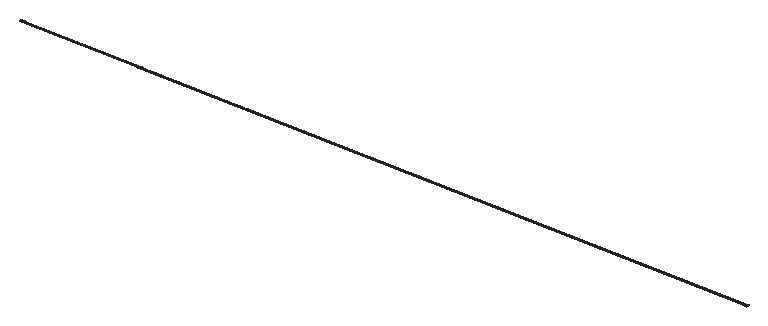
Revit family "Flex Pro IP65_0068171-74", category Lighting Fixtures, host Face, Revit 2017 (continued)
Forms (mm)
  Extrusion 71, solid
    sketch origin (999.592, 0, 0) x (1, 0, 0) y (0, 1, 0)
      loop
        line (86.3, -1.5) -> (86.3, 1.5) -> (84.3, 1.5) -> (84.3, -1.5) -> (86.3, -1.5)
    from -1.2 to -0.5
  Extrusion 72, solid
    sketch origin (1099.551, 0, 0) x (1, 0, 0) y (0, 1, 0)
      loop
        line (19.9, 1.5) -> (17.9, 1.5) -> (17.9, -1.5) -> (19.9, -1.5) -> (19.9, 1.5)
      loop
        line (34.5, 1.5) -> (34.5, -1.5) -> (36.5, -1.5) -> (36.5, 1.5) -> (34.5, 1.5)
      loop
        line (69.7, 1.5) -> (67.7, 1.5) -> (67.7, -1.5) -> (69.7, -1.5) -> (69.7, 1.5)
      loop
        line (86.3, -1.5) -> (86.3, 1.5) -> (84.3, 1.5) -> (84.3, -1.5) -> (86.3, -1.5)
    from -1.2 to -0.5
  Extrusion 73, solid
    sketch origin (1199.51, 0, 0) x (1, 0, 0) y (0, 1, 0)
      loop
        line (19.9, 1.5) -> (17.9, 1.5) -> (17.9, -1.5) -> (19.9, -1.5) -> (19.9, 1.5)
      loop
        line (34.5, 1.5) -> (34.5, -1.5) -> (36.5, -1.5) -> (36.5, 1.5) -> (34.5, 1.5)
      loop
        line (69.7, 1.5) -> (67.7, 1.5) -> (67.7, -1.5) -> (69.7, -1.5) -> (69.7, 1.5)
      loop
        line (86.3, -1.5) -> (86.3, 1.5) -> (84.3, 1.5) -> (84.3, -1.5) -> (86.3, -1.5)
    from -1.2 to -0.5
  Extrusion 74, solid
    sketch origin (1299.469, 0, 0) x (1, 0, 0) y (0, 1, 0)
      loop
        line (19.9, 1.5) -> (17.9, 1.5) -> (17.9, -1.5) -> (19.9, -1.5) -> (19.9, 1.5)
      loop
        line (34.5, 1.5) -> (34.5, -1.5) -> (36.5, -1.5) -> (36.5, 1.5) -> (34.5, 1.5)
      loop
        line (69.7, 1.5) -> (67.7, 1.5) -> (67.7, -1.5) -> (69.7, -1.5) -> (69.7, 1.5)
      loop
        line (86.3, -1.5) -> (86.3, 1.5) -> (84.3, 1.5) -> (84.3, -1.5) -> (86.3, -1.5)
    from -1.2 to -0.5
  Extrusion 75, solid
    sketch origin (1399.429, 0, 0) x (1, 0, 0) y (0, 1, 0)
      loop
        line (19.9, 1.5) -> (17.9, 1.5) -> (17.9, -1.5) -> (19.9, -1.5) -> (19.9, 1.5)
      loop
        line (34.5, 1.5) -> (34.5, -1.5) -> (36.5, -1.5) -> (36.5, 1.5) -> (34.5, 1.5)
      loop
        line (69.7, 1.5) -> (67.7, 1.5) -> (67.7, -1.5) -> (69.7, -1.5) -> (69.7, 1.5)
      loop
        line (86.3, -1.5) -> (86.3, 1.5) -> (84.3, 1.5) -> (84.3, -1.5) -> (86.3, -1.5)
    from -1.2 to -0.5
  Extrusion 76, solid
    sketch origin (1499.388, 0, 0) x (1, 0, 0) y (0, 1, 0)
      loop
        line (19.9, 1.5) -> (17.9, 1.5) -> (17.9, -1.5) -> (19.9, -1.5) -> (19.9, 1.5)
      loop
        line (34.5, 1.5) -> (34.5, -1.5) -> (36.5, -1.5) -> (36.5, 1.5) -> (34.5, 1.5)
      loop
        line (69.7, 1.5) -> (67.7, 1.5) -> (67.7, -1.5) -> (69.7, -1.5) -> (69.7, 1.5)
      loop
        line (86.3, -1.5) -> (86.3, 1.5) -> (84.3, 1.5) -> (84.3, -1.5) -> (86.3, -1.5)
    from -1.2 to -0.5
  Extrusion 77, solid
    sketch origin (1599.347, 0, 0) x (1, 0, 0) y (0, 1, 0)
      loop
        line (19.9, 1.5) -> (17.9, 1.5) -> (17.9, -1.5) -> (19.9, -1.5) -> (19.9, 1.5)
      loop
        line (34.5, 1.5) -> (34.5, -1.5) -> (36.5, -1.5) -> (36.5, 1.5) -> (34.5, 1.5)
      loop
        line (69.7, 1.5) -> (67.7, 1.5) -> (67.7, -1.5) -> (69.7, -1.5) -> (69.7, 1.5)
      loop
        line (86.3, -1.5) -> (86.3, 1.5) -> (84.3, 1.5) -> (84.3, -1.5) -> (86.3, -1.5)
    from -1.2 to -0.5
  Extrusion 78, solid
    sketch origin (1699.306, 0, 0) x (1, 0, 0) y (0, 1, 0)
      loop
        line (19.9, 1.5) -> (17.9, 1.5) -> (17.9, -1.5) -> (19.9, -1.5) -> (19.9, 1.5)
      loop
        line (34.5, 1.5) -> (34.5, -1.5) -> (36.5, -1.5) -> (36.5, 1.5) -> (34.5, 1.5)
      loop
        line (69.7, 1.5) -> (67.7, 1.5) -> (67.7, -1.5) -> (69.7, -1.5) -> (69.7, 1.5)
      loop
        line (86.3, -1.5) -> (86.3, 1.5) -> (84.3, 1.5) -> (84.3, -1.5) -> (86.3, -1.5)
    from -1.2 to -0.5
  Extrusion 79, solid
    sketch origin (1799.265, 0, 0) x (1, 0, 0) y (0, 1, 0)
      loop
        line (19.9, 1.5) -> (17.9, 1.5) -> (17.9, -1.5) -> (19.9, -1.5) -> (19.9, 1.5)
      loop
        line (34.5, 1.5) -> (34.5, -1.5) -> (36.5, -1.5) -> (36.5, 1.5) -> (34.5, 1.5)
      loop
        line (69.7, 1.5) -> (67.7, 1.5) -> (67.7, -1.5) -> (69.7, -1.5) -> (69.7, 1.5)
      loop
        line (86.3, -1.5) -> (86.3, 1.5) -> (84.3, 1.5) -> (84.3, -1.5) -> (86.3, -1.5)
    from -1.2 to -0.5
  Extrusion 80, solid
    sketch origin (1899.224, 0, 0) x (1, 0, 0) y (0, 1, 0)
      loop
        line (19.9, 1.5) -> (17.9, 1.5) -> (17.9, -1.5) -> (19.9, -1.5) -> (19.9, 1.5)
      loop
        line (34.5, 1.5) -> (34.5, -1.5) -> (36.5, -1.5) -> (36.5, 1.5) -> (34.5, 1.5)
      loop
        line (69.7, 1.5) -> (67.7, 1.5) -> (67.7, -1.5) -> (69.7, -1.5) -> (69.7, 1.5)
      loop
        line (86.3, -1.5) -> (86.3, 1.5) -> (84.3, 1.5) -> (84.3, -1.5) -> (86.3, -1.5)
    from -1.2 to -0.5
  Extrusion 81, solid
    sketch origin (1999.184, 0, 0) x (1, 0, 0) y (0, 1, 0)
      loop
        line (19.9, 1.5) -> (17.9, 1.5) -> (17.9, -1.5) -> (19.9, -1.5) -> (19.9, 1.5)
      loop
        line (34.5, 1.5) -> (34.5, -1.5) -> (36.5, -1.5) -> (36.5, 1.5) -> (34.5, 1.5)
      loop
        line (69.7, 1.5) -> (67.7, 1.5) -> (67.7, -1.5) -> (69.7, -1.5) -> (69.7, 1.5)
      loop
        line (86.3, -1.5) -> (86.3, 1.5) -> (84.3, 1.5) -> (84.3, -1.5) -> (86.3, -1.5)
    from -1.2 to -0.5
  Extrusion 82, solid
    sketch origin (2099.143, 0, 0) x (1, 0, 0) y (0, 1, 0)
      loop
        line (19.9, 1.5) -> (17.9, 1.5) -> (17.9, -1.5) -> (19.9, -1.5) -> (19.9, 1.5)
      loop
        line (34.5, 1.5) -> (34.5, -1.5) -> (36.5, -1.5) -> (36.5, 1.5) -> (34.5, 1.5)
      loop
        line (69.7, 1.5) -> (67.7, 1.5) -> (67.7, -1.5) -> (69.7, -1.5) -> (69.7, 1.5)
      loop
        line (86.3, -1.5) -> (86.3, 1.5) -> (84.3, 1.5) -> (84.3, -1.5) -> (86.3, -1.5)
    from -1.2 to -0.5
  Extrusion 83, solid
    sketch origin (2199.102, 0, 0) x (1, 0, 0) y (0, 1, 0)
      loop
        line (19.9, 1.5) -> (17.9, 1.5) -> (17.9, -1.5) -> (19.9, -1.5) -> (19.9, 1.5)
      loop
        line (34.5, 1.5) -> (34.5, -1.5) -> (36.5, -1.5) -> (36.5, 1.5) -> (34.5, 1.5)
      loop
        line (69.7, 1.5) -> (67.7, 1.5) -> (67.7, -1.5) -> (69.7, -1.5) -> (69.7, 1.5)
      loop
        line (86.3, -1.5) -> (86.3, 1.5) -> (84.3, 1.5) -> (84.3, -1.5) -> (86.3, -1.5)
    from -1.2 to -0.5
  Extrusion 84, solid
    sketch origin (2299.061, 0, 0) x (1, 0, 0) y (0, 1, 0)
      loop
        line (19.9, 1.5) -> (17.9, 1.5) -> (17.9, -1.5) -> (19.9, -1.5) -> (19.9, 1.5)
      loop
        line (34.5, 1.5) -> (34.5, -1.5) -> (36.5, -1.5) -> (36.5, 1.5) -> (34.5, 1.5)
      loop
        line (69.7, 1.5) -> (67.7, 1.5) -> (67.7, -1.5) -> (69.7, -1.5) -> (69.7, 1.5)
      loop
        line (86.3, -1.5) -> (86.3, 1.5) -> (84.3, 1.5) -> (84.3, -1.5) -> (86.3, -1.5)
    from -1.2 to -0.5
  Extrusion 85, solid
    sketch origin (2399.02, 0, 0) x (1, 0, 0) y (0, 1, 0)
      loop
        line (19.9, 1.5) -> (17.9, 1.5) -> (17.9, -1.5) -> (19.9, -1.5) -> (19.9, 1.5)
      loop
        line (34.5, 1.5) -> (34.5, -1.5) -> (36.5, -1.5) -> (36.5, 1.5) -> (34.5, 1.5)
      loop
        line (69.7, 1.5) -> (67.7, 1.5) -> (67.7, -1.5) -> (69.7, -1.5) -> (69.7, 1.5)
      loop
        line (86.3, -1.5) -> (86.3, 1.5) -> (84.3, 1.5) -> (84.3, -1.5) -> (86.3, -1.5)
    from -1.2 to -0.5
  Extrusion 86, solid
    sketch origin (2498.98, 0, 0) x (1, 0, 0) y (0, 1, 0)
      loop
        line (19.9, 1.5) -> (17.9, 1.5) -> (17.9, -1.5) -> (19.9, -1.5) -> (19.9, 1.5)
      loop
        line (34.5, 1.5) -> (34.5, -1.5) -> (36.5, -1.5) -> (36.5, 1.5) -> (34.5, 1.5)
      loop
        line (69.7, 1.5) -> (67.7, 1.5) -> (67.7, -1.5) -> (69.7, -1.5) -> (69.7, 1.5)
      loop
        line (86.3, -1.5) -> (86.3, 1.5) -> (84.3, 1.5) -> (84.3, -1.5) -> (86.3, -1.5)
    from -1.2 to -0.5
  Extrusion 87, solid
    sketch origin (2598.939, 0, 0) x (1, 0, 0) y (0, 1, 0)
      loop
        line (19.9, 1.5) -> (17.9, 1.5) -> (17.9, -1.5) -> (19.9, -1.5) -> (19.9, 1.5)
      loop
        line (34.5, 1.5) -> (34.5, -1.5) -> (36.5, -1.5) -> (36.5, 1.5) -> (34.5, 1.5)
      loop
        line (69.7, 1.5) -> (67.7, 1.5) -> (67.7, -1.5) -> (69.7, -1.5) -> (69.7, 1.5)
      loop
        line (86.3, -1.5) -> (86.3, 1.5) -> (84.3, 1.5) -> (84.3, -1.5) -> (86.3, -1.5)
    from -1.2 to -0.5
  Extrusion 88, solid
    sketch origin (2698.898, 0, 0) x (1, 0, 0) y (0, 1, 0)
      loop
        line (19.9, 1.5) -> (17.9, 1.5) -> (17.9, -1.5) -> (19.9, -1.5) -> (19.9, 1.5)
      loop
        line (34.5, 1.5) -> (34.5, -1.5) -> (36.5, -1.5) -> (36.5, 1.5) -> (34.5, 1.5)
      loop
        line (69.7, 1.5) -> (67.7, 1.5) -> (67.7, -1.5) -> (69.7, -1.5) -> (69.7, 1.5)
      loop
        line (86.3, -1.5) -> (86.3, 1.5) -> (84.3, 1.5) -> (84.3, -1.5) -> (86.3, -1.5)
    from -1.2 to -0.5
  Extrusion 89, solid
    sketch origin (2798.857, 0, 0) x (1, 0, 0) y (0, 1, 0)
      loop
        line (19.9, 1.5) -> (17.9, 1.5) -> (17.9, -1.5) -> (19.9, -1.5) -> (19.9, 1.5)
      loop
        line (34.5, 1.5) -> (34.5, -1.5) -> (36.5, -1.5) -> (36.5, 1.5) -> (34.5, 1.5)
      loop
        line (69.7, 1.5) -> (67.7, 1.5) -> (67.7, -1.5) -> (69.7, -1.5) -> (69.7, 1.5)
      loop
        line (86.3, -1.5) -> (86.3, 1.5) -> (84.3, 1.5) -> (84.3, -1.5) -> (86.3, -1.5)
    from -1.2 to -0.5
  Extrusion 90, solid
    sketch origin (2898.816, 0, 0) x (1, 0, 0) y (0, 1, 0)
      loop
        line (19.9, 1.5) -> (17.9, 1.5) -> (17.9, -1.5) -> (19.9, -1.5) -> (19.9, 1.5)
      loop
        line (34.5, 1.5) -> (34.5, -1.5) -> (36.5, -1.5) -> (36.5, 1.5) -> (34.5, 1.5)
      loop
        line (69.7, 1.5) -> (67.7, 1.5) -> (67.7, -1.5) -> (69.7, -1.5) -> (69.7, 1.5)
      loop
        line (86.3, -1.5) -> (86.3, 1.5) -> (84.3, 1.5) -> (84.3, -1.5) -> (86.3, -1.5)
    from -1.2 to -0.5
  Extrusion 91, solid
    sketch origin (2998.776, 0, 0) x (1, 0, 0) y (0, 1, 0)
      loop
        line (19.9, 1.5) -> (17.9, 1.5) -> (17.9, -1.5) -> (19.9, -1.5) -> (19.9, 1.5)
      loop
        line (34.5, 1.5) -> (34.5, -1.5) -> (36.5, -1.5) -> (36.5, 1.5) -> (34.5, 1.5)
      loop
        line (69.7, 1.5) -> (67.7, 1.5) -> (67.7, -1.5) -> (69.7, -1.5) -> (69.7, 1.5)
      loop
        line (86.3, -1.5) -> (86.3, 1.5) -> (84.3, 1.5) -> (84.3, -1.5) -> (86.3, -1.5)
    from -1.2 to -0.5
  Extrusion 92, solid
    sketch origin (3098.735, 0, 0) x (1, 0, 0) y (0, 1, 0)
      loop
        line (19.9, 1.5) -> (17.9, 1.5) -> (17.9, -1.5) -> (19.9, -1.5) -> (19.9, 1.5)
      loop
        line (34.5, 1.5) -> (34.5, -1.5) -> (36.5, -1.5) -> (36.5, 1.5) -> (34.5, 1.5)
      loop
        line (69.7, 1.5) -> (67.7, 1.5) -> (67.7, -1.5) -> (69.7, -1.5) -> (69.7, 1.5)
      loop
        line (86.3, -1.5) -> (86.3, 1.5) -> (84.3, 1.5) -> (84.3, -1.5) -> (86.3, -1.5)
    from -1.2 to -0.5
  Extrusion 93, solid
    sketch origin (3198.694, 0, 0) x (1, 0, 0) y (0, 1, 0)
      loop
        line (19.9, 1.5) -> (17.9, 1.5) -> (17.9, -1.5) -> (19.9, -1.5) -> (19.9, 1.5)
      loop
        line (34.5, 1.5) -> (34.5, -1.5) -> (36.5, -1.5) -> (36.5, 1.5) -> (34.5, 1.5)
      loop
        line (69.7, 1.5) -> (67.7, 1.5) -> (67.7, -1.5) -> (69.7, -1.5) -> (69.7, 1.5)
      loop
        line (86.3, -1.5) -> (86.3, 1.5) -> (84.3, 1.5) -> (84.3, -1.5) -> (86.3, -1.5)
    from -1.2 to -0.5
  Extrusion 94, solid
    sketch origin (3298.653, 0, 0) x (1, 0, 0) y (0, 1, 0)
      loop
        line (19.9, 1.5) -> (17.9, 1.5) -> (17.9, -1.5) -> (19.9, -1.5) -> (19.9, 1.5)
      loop
        line (34.5, 1.5) -> (34.5, -1.5) -> (36.5, -1.5) -> (36.5, 1.5) -> (34.5, 1.5)
      loop
        line (69.7, 1.5) -> (67.7, 1.5) -> (67.7, -1.5) -> (69.7, -1.5) -> (69.7, 1.5)
      loop
        line (86.3, -1.5) -> (86.3, 1.5) -> (84.3, 1.5) -> (84.3, -1.5) -> (86.3, -1.5)
    from -1.2 to -0.5
  Extrusion 95, solid
    sketch origin (3398.612, 0, 0) x (1, 0, 0) y (0, 1, 0)
      loop
        line (19.9, 1.5) -> (17.9, 1.5) -> (17.9, -1.5) -> (19.9, -1.5) -> (19.9, 1.5)
      loop
        line (34.5, 1.5) -> (34.5, -1.5) -> (36.5, -1.5) -> (36.5, 1.5) -> (34.5, 1.5)
      loop
        line (69.7, 1.5) -> (67.7, 1.5) -> (67.7, -1.5) -> (69.7, -1.5) -> (69.7, 1.5)
      loop
        line (86.3, -1.5) -> (86.3, 1.5) -> (84.3, 1.5) -> (84.3, -1.5) -> (86.3, -1.5)
    from -1.2 to -0.5
  Extrusion 96, solid
    sketch origin (3498.571, 0, 0) x (1, 0, 0) y (0, 1, 0)
      loop
        line (19.9, 1.5) -> (17.9, 1.5) -> (17.9, -1.5) -> (19.9, -1.5) -> (19.9, 1.5)
      loop
        line (34.5, 1.5) -> (34.5, -1.5) -> (36.5, -1.5) -> (36.5, 1.5) -> (34.5, 1.5)
      loop
        line (69.7, 1.5) -> (67.7, 1.5) -> (67.7, -1.5) -> (69.7, -1.5) -> (69.7, 1.5)
      loop
        line (86.3, -1.5) -> (86.3, 1.5) -> (84.3, 1.5) -> (84.3, -1.5) -> (86.3, -1.5)
    from -1.2 to -0.5
  Extrusion 97, solid
    sketch origin (3598.531, 0, 0) x (1, 0, 0) y (0, 1, 0)
      loop
        line (19.9, 1.5) -> (17.9, 1.5) -> (17.9, -1.5) -> (19.9, -1.5) -> (19.9, 1.5)
      loop
        line (34.5, 1.5) -> (34.5, -1.5) -> (36.5, -1.5) -> (36.5, 1.5) -> (34.5, 1.5)
      loop
        line (69.7, 1.5) -> (67.7, 1.5) -> (67.7, -1.5) -> (69.7, -1.5) -> (69.7, 1.5)
      loop
        line (86.3, -1.5) -> (86.3, 1.5) -> (84.3, 1.5) -> (84.3, -1.5) -> (86.3, -1.5)
    from -1.2 to -0.5
  Extrusion 98, solid
    sketch origin (3698.49, 0, 0) x (1, 0, 0) y (0, 1, 0)
      loop
        line (19.9, 1.5) -> (17.9, 1.5) -> (17.9, -1.5) -> (19.9, -1.5) -> (19.9, 1.5)
      loop
        line (34.5, 1.5) -> (34.5, -1.5) -> (36.5, -1.5) -> (36.5, 1.5) -> (34.5, 1.5)
      loop
        line (69.7, 1.5) -> (67.7, 1.5) -> (67.7, -1.5) -> (69.7, -1.5) -> (69.7, 1.5)
      loop
        line (86.3, -1.5) -> (86.3, 1.5) -> (84.3, 1.5) -> (84.3, -1.5) -> (86.3, -1.5)
    from -1.2 to -0.5
  Extrusion 99, solid
    sketch origin (3798.449, 0, 0) x (1, 0, 0) y (0, 1, 0)
      loop
        line (19.9, 1.5) -> (17.9, 1.5) -> (17.9, -1.5) -> (19.9, -1.5) -> (19.9, 1.5)
      loop
        line (34.5, 1.5) -> (34.5, -1.5) -> (36.5, -1.5) -> (36.5, 1.5) -> (34.5, 1.5)
      loop
        line (69.7, 1.5) -> (67.7, 1.5) -> (67.7, -1.5) -> (69.7, -1.5) -> (69.7, 1.5)
      loop
        line (86.3, -1.5) -> (86.3, 1.5) -> (84.3, 1.5) -> (84.3, -1.5) -> (86.3, -1.5)
    from -1.2 to -0.5
  Extrusion 100, solid
    sketch origin (3898.408, 0, 0) x (1, 0, 0) y (0, 1, 0)
      loop
        line (19.9, 1.5) -> (17.9, 1.5) -> (17.9, -1.5) -> (19.9, -1.5) -> (19.9, 1.5)
      loop
        line (34.5, 1.5) -> (34.5, -1.5) -> (36.5, -1.5) -> (36.5, 1.5) -> (34.5, 1.5)
      loop
        line (69.7, 1.5) -> (67.7, 1.5) -> (67.7, -1.5) -> (69.7, -1.5) -> (69.7, 1.5)
      loop
        line (86.3, -1.5) -> (86.3, 1.5) -> (84.3, 1.5) -> (84.3, -1.5) -> (86.3, -1.5)
    from -1.2 to -0.5
  Extrusion 101, solid
    sketch origin (3998.367, 0, 0) x (1, 0, 0) y (0, 1, 0)
      loop
        line (19.9, 1.5) -> (17.9, 1.5) -> (17.9, -1.5) -> (19.9, -1.5) -> (19.9, 1.5)
      loop
        line (34.5, 1.5) -> (34.5, -1.5) -> (36.5, -1.5) -> (36.5, 1.5) -> (34.5, 1.5)
      loop
        line (69.7, 1.5) -> (67.7, 1.5) -> (67.7, -1.5) -> (69.7, -1.5) -> (69.7, 1.5)
      loop
        line (86.3, -1.5) -> (86.3, 1.5) -> (84.3, 1.5) -> (84.3, -1.5) -> (86.3, -1.5)
    from -1.2 to -0.5
  Extrusion 102, solid
    sketch origin (4098.327, 0, 0) x (1, 0, 0) y (0, 1, 0)
      loop
        line (19.9, 1.5) -> (17.9, 1.5) -> (17.9, -1.5) -> (19.9, -1.5) -> (19.9, 1.5)
      loop
        line (34.5, 1.5) -> (34.5, -1.5) -> (36.5, -1.5) -> (36.5, 1.5) -> (34.5, 1.5)
      loop
        line (69.7, 1.5) -> (67.7, 1.5) -> (67.7, -1.5) -> (69.7, -1.5) -> (69.7, 1.5)
      loop
        line (86.3, -1.5) -> (86.3, 1.5) -> (84.3, 1.5) -> (84.3, -1.5) -> (86.3, -1.5)
    from -1.2 to -0.5
  Extrusion 103, solid
    sketch origin (4198.286, 0, 0) x (1, 0, 0) y (0, 1, 0)
      loop
        line (19.9, 1.5) -> (17.9, 1.5) -> (17.9, -1.5) -> (19.9, -1.5) -> (19.9, 1.5)
      loop
        line (34.5, 1.5) -> (34.5, -1.5) -> (36.5, -1.5) -> (36.5, 1.5) -> (34.5, 1.5)
      loop
        line (69.7, 1.5) -> (67.7, 1.5) -> (67.7, -1.5) -> (69.7, -1.5) -> (69.7, 1.5)
      loop
        line (86.3, -1.5) -> (86.3, 1.5) -> (84.3, 1.5) -> (84.3, -1.5) -> (86.3, -1.5)
    from -1.2 to -0.5
  Extrusion 104, solid
    sketch origin (4298.245, 0, 0) x (1, 0, 0) y (0, 1, 0)
      loop
        line (19.9, 1.5) -> (17.9, 1.5) -> (17.9, -1.5) -> (19.9, -1.5) -> (19.9, 1.5)
      loop
        line (34.5, 1.5) -> (34.5, -1.5) -> (36.5, -1.5) -> (36.5, 1.5) -> (34.5, 1.5)
      loop
        line (69.7, 1.5) -> (67.7, 1.5) -> (67.7, -1.5) -> (69.7, -1.5) -> (69.7, 1.5)
      loop
        line (86.3, -1.5) -> (86.3, 1.5) -> (84.3, 1.5) -> (84.3, -1.5) -> (86.3, -1.5)
    from -1.2 to -0.5
  Extrusion 105, solid
    sketch origin (4398.204, 0, 0) x (1, 0, 0) y (0, 1, 0)
      loop
        line (19.9, 1.5) -> (17.9, 1.5) -> (17.9, -1.5) -> (19.9, -1.5) -> (19.9, 1.5)
      loop
        line (34.5, 1.5) -> (34.5, -1.5) -> (36.5, -1.5) -> (36.5, 1.5) -> (34.5, 1.5)
      loop
        line (69.7, 1.5) -> (67.7, 1.5) -> (67.7, -1.5) -> (69.7, -1.5) -> (69.7, 1.5)
      loop
        line (86.3, -1.5) -> (86.3, 1.5) -> (84.3, 1.5) -> (84.3, -1.5) -> (86.3, -1.5)
    from -1.2 to -0.5
  Extrusion 106, solid
    sketch origin (4498.163, 0, 0) x (1, 0, 0) y (0, 1, 0)
      loop
        line (19.9, 1.5) -> (17.9, 1.5) -> (17.9, -1.5) -> (19.9, -1.5) -> (19.9, 1.5)
      loop
        line (34.5, 1.5) -> (34.5, -1.5) -> (36.5, -1.5) -> (36.5, 1.5) -> (34.5, 1.5)
      loop
        line (69.7, 1.5) -> (67.7, 1.5) -> (67.7, -1.5) -> (69.7, -1.5) -> (69.7, 1.5)
      loop
        line (86.3, -1.5) -> (86.3, 1.5) -> (84.3, 1.5) -> (84.3, -1.5) -> (86.3, -1.5)
    from -1.2 to -0.5
  Extrusion 107, solid
    sketch origin (4598.122, 0, 0) x (1, 0, 0) y (0, 1, 0)
      loop
        line (19.9, 1.5) -> (17.9, 1.5) -> (17.9, -1.5) -> (19.9, -1.5) -> (19.9, 1.5)
      loop
        line (34.5, 1.5) -> (34.5, -1.5) -> (36.5, -1.5) -> (36.5, 1.5) -> (34.5, 1.5)
      loop
        line (69.7, 1.5) -> (67.7, 1.5) -> (67.7, -1.5) -> (69.7, -1.5) -> (69.7, 1.5)
      loop
        line (86.3, -1.5) -> (86.3, 1.5) -> (84.3, 1.5) -> (84.3, -1.5) -> (86.3, -1.5)
    from -1.2 to -0.5
  Extrusion 108, solid
    sketch origin (4698.082, 0, 0) x (1, 0, 0) y (0, 1, 0)
      loop
        line (19.9, 1.5) -> (17.9, 1.5) -> (17.9, -1.5) -> (19.9, -1.5) -> (19.9, 1.5)
      loop
        line (34.5, 1.5) -> (34.5, -1.5) -> (36.5, -1.5) -> (36.5, 1.5) -> (34.5, 1.5)
      loop
        line (69.7, 1.5) -> (67.7, 1.5) -> (67.7, -1.5) -> (69.7, -1.5) -> (69.7, 1.5)
      loop
        line (86.3, -1.5) -> (86.3, 1.5) -> (84.3, 1.5) -> (84.3, -1.5) -> (86.3, -1.5)
    from -1.2 to -0.5
  Extrusion 109, solid
    sketch origin (4798.041, 0, 0) x (1, 0, 0) y (0, 1, 0)
      loop
        line (19.9, 1.5) -> (17.9, 1.5) -> (17.9, -1.5) -> (19.9, -1.5) -> (19.9, 1.5)
      loop
        line (34.5, 1.5) -> (34.5, -1.5) -> (36.5, -1.5) -> (36.5, 1.5) -> (34.5, 1.5)
      loop
        line (69.7, 1.5) -> (67.7, 1.5) -> (67.7, -1.5) -> (69.7, -1.5) -> (69.7, 1.5)
      loop
        line (86.3, -1.5) -> (86.3, 1.5) -> (84.3, 1.5) -> (84.3, -1.5) -> (86.3, -1.5)
    from -1.2 to -0.5
Dimensions and locks
  "CABLE_LENGHT_SYL": plane 7 to plane 3 "Center (Left/Right)"
  "LUM_WIDTH_SYL": plane 6 to plane 1 "Center (Front/Back)" to plane 5
  "CABLE_BLEND_SYL": plane 8 to plane 3 "Center (Left/Right)"
  "CABLE_END_SYL": plane 7 to plane 9
  "LUM_LENGHT_SYL": plane 3 "Center (Left/Right)" to plane 4
  "CABLE_DIST_SYL": plane 11 to plane 1 "Center (Front/Back)" to plane 10
  "CABLE_DIST2_SYL": plane 12 to plane 5
  "CABLE_DIST2_SYL": plane 6 to plane 13
  "LED_DIST1_SYL": plane 3 "Center (Left/Right)" to plane 14
  "LED_DIST_SYL": plane 14 to plane 15 to plane 16 to plane 17 to plane 18 to plane 19
  "LED_DIST_SYL": plane 34 to plane 35
  "LED_DIST_SYL": plane 36 to plane 37
  "LED_2_DIST_SYL": plane 35 to plane 36
  "LED_CH_S_WIDTH_SYL": plane 47 to plane 1 "Center (Front/Back)" to plane 46
  "LED_CH_L_WIDTH_SYL": plane 21 to plane 1 "Center (Front/Back)" to plane 20
  "LED_CH_L_DEPTH_SYL": plane 23 to plane 14 to plane 22
  "LED_CH_L_DEPTH_SYL": plane 25 to plane 15 to plane 24
  "LED_CH_L_DEPTH_SYL": plane 27 to plane 16 to plane 26
  "LED_CH_L_DEPTH_SYL": plane 28 to plane 17 to plane 29
  "LED_CH_L_DEPTH_SYL": plane 30 to plane 18 to plane 31
  "LED_CH_L_DEPTH_SYL": plane 33 to plane 19 to plane 32
  "LED_CH_S_DEPTH_SYL": plane 39 to plane 34 to plane 38
  "LED_CH_S_DEPTH_SYL": plane 40 to plane 35 to plane 41
  "LED_CH_S_DEPTH_SYL": plane 43 to plane 36 to plane 42
  "LED_CH_S_DEPTH_SYL": plane 44 to plane 37 to plane 45
  equal spacing: group 1, group 3, group 4, group 5, group 6, group 7, group 8, group 9, group 10, group 11, group 12, group 13, group 14, group 15, group 16, group 17, group 18, group 19, group 20, group 21, group 22, group 23, group 24, group 25, group 26, group 27, group 28, group 29, group 30, group 31, group 32, group 33, group 34, group 35, group 36, group 37, group 38, group 39, group 40, group 41, group 42, group 43, group 44, group 45, group 46, group 47, group 48, group 49, group 50, group 2  (x3)
  "PHOTOMETRY1_SYL": imposter light to plane 4
  "PHOTOMETRY2_SYL": imposter light to Extrusion 1
  "PHOTOMETRY3_SYL": Extrusion 29 to imposter light
  plane 4 to plane 49 = 5 mm
  "LUM__CAP_SYL": plane 48 to plane 3 "Center (Left/Right)"
  "LUM__CAP_SYL": plane 3 "Center (Left/Right)" to plane 50
  "LUM__CAP_SYL": plane 51 to plane 4
  "LUM__CAP_SYL": plane 4 to plane 49
  "LUM_CAD_W_SYL": plane 53 to plane 1 "Center (Front/Back)" to plane 52
  "LUM_PROT_SYL": plane 55 to plane 1 "Center (Front/Back)" to plane 54
  equal spacing: group 53, group 55, group 56, group 57, group 58, group 59, group 60, group 61, group 62, group 63, group 64, group 65, group 66, group 67, group 68, group 69, group 70, group 71, group 72, group 73, group 74, group 75, group 76, group 77, group 78, group 79, group 80, group 81, group 82, group 83, group 84, group 85, group 86, group 87, group 88, group 89, group 90, group 91, group 92, group 93, group 94, group 95, group 96, group 97, group 98, group 99, group 100, group 101, group 102, group 54  (x3)
  aligned and locked: host face to plane 2
  aligned and locked: host face to level
  aligned and locked: Extrusion 1 sketch curve to plane 4
  aligned and locked: Revolve 4 sketch curve to plane 10
  aligned and locked: Sweep 2 to Revolve 4 sketch curve
  aligned and locked: plane 12 to Revolve 4 sketch curve
  aligned and locked: plane 7 to Revolve 4 sketch curve
  aligned and locked: Revolve 5 sketch curve to plane 11  (x2)
  aligned and locked: Revolve 5 sketch curve to Sweep 3
  aligned and locked: plane 13 to Revolve 5 sketch curve
  aligned and locked: Revolve 5 sketch curve to plane 7
  aligned and locked: plane 3 "Center (Left/Right)" to Extrusion 1 sketch curve
  aligned and locked: Extrusion 58 sketch curve to plane 52
  aligned and locked: plane 50 to Extrusion 58 sketch curve
  aligned and locked: plane 53 to Extrusion 58 sketch curve
  aligned and locked: Extrusion 58 sketch curve to plane 48
  aligned and locked: Extrusion 59 sketch curve to plane 51
Automatic sketch dimensions
  level to Sweep 3 sketch curve = 0 mm
  Sweep 3 sketch curve to profile plane = 0 mm
  Sweep 2 sketch curve to level = 0 mm
  Sweep 2 sketch curve to profile plane = 0 mm
  host sketch curve to host sketch curve = 6451.645 mm
  host sketch curve to host sketch curve = 2438.4 mm
  Revolve 5 sketch curve to plane 7 = 1324 mm
  Extrusion 6 sketch curve to Extrusion 6 sketch curve = 2.8 mm  (x6)
  Extrusion 6 sketch curve to Extrusion 6 sketch curve = 13.8 mm  (x5)
  Extrusion 6 sketch curve to Extrusion 6 sketch curve = 0 mm  (x5)
  Extrusion 6 sketch curve to Extrusion 6 sketch curve = 3.4 mm  (x6)
  Extrusion 7 sketch curve to Extrusion 7 sketch curve = 2.8 mm  (x6)
  Extrusion 7 sketch curve to Extrusion 7 sketch curve = 13.8 mm  (x5)
  Extrusion 7 sketch curve to Extrusion 7 sketch curve = 0 mm  (x5)
  Extrusion 7 sketch curve to Extrusion 7 sketch curve = 3.4 mm  (x6)
  Extrusion 8 sketch curve to Extrusion 8 sketch curve = 2.8 mm  (x6)
  Extrusion 8 sketch curve to Extrusion 8 sketch curve = 13.8 mm  (x5)
  Extrusion 8 sketch curve to Extrusion 8 sketch curve = 0 mm  (x5)
  Extrusion 8 sketch curve to Extrusion 8 sketch curve = 3.4 mm  (x6)
  Extrusion 9 sketch curve to Extrusion 9 sketch curve = 2.8 mm  (x6)
  Extrusion 9 sketch curve to Extrusion 9 sketch curve = 13.8 mm  (x5)
  Extrusion 9 sketch curve to Extrusion 9 sketch curve = 0 mm  (x5)
  Extrusion 9 sketch curve to Extrusion 9 sketch curve = 3.4 mm  (x6)
  Extrusion 10 sketch curve to Extrusion 10 sketch curve = 2.8 mm  (x6)
  Extrusion 10 sketch curve to Extrusion 10 sketch curve = 13.8 mm  (x5)
  Extrusion 10 sketch curve to Extrusion 10 sketch curve = 0 mm  (x5)
  Extrusion 10 sketch curve to Extrusion 10 sketch curve = 3.4 mm  (x6)
  Extrusion 11 sketch curve to Extrusion 11 sketch curve = 2.8 mm  (x6)
  Extrusion 11 sketch curve to Extrusion 11 sketch curve = 13.8 mm  (x5)
  Extrusion 11 sketch curve to Extrusion 11 sketch curve = 0 mm  (x5)
  Extrusion 11 sketch curve to Extrusion 11 sketch curve = 3.4 mm  (x6)
  Extrusion 12 sketch curve to Extrusion 12 sketch curve = 2.8 mm  (x6)
  Extrusion 12 sketch curve to Extrusion 12 sketch curve = 13.8 mm  (x5)
  Extrusion 12 sketch curve to Extrusion 12 sketch curve = 0 mm  (x5)
  Extrusion 12 sketch curve to Extrusion 12 sketch curve = 3.4 mm  (x6)
  Extrusion 13 sketch curve to Extrusion 13 sketch curve = 2.8 mm  (x6)
  Extrusion 13 sketch curve to Extrusion 13 sketch curve = 13.8 mm  (x5)
  Extrusion 13 sketch curve to Extrusion 13 sketch curve = 0 mm  (x5)
  Extrusion 13 sketch curve to Extrusion 13 sketch curve = 3.4 mm  (x6)
  Extrusion 14 sketch curve to Extrusion 14 sketch curve = 2.8 mm  (x6)
  Extrusion 14 sketch curve to Extrusion 14 sketch curve = 13.8 mm  (x5)
  Extrusion 14 sketch curve to Extrusion 14 sketch curve = 0 mm  (x5)
  Extrusion 14 sketch curve to Extrusion 14 sketch curve = 3.4 mm  (x6)
  Extrusion 15 sketch curve to Extrusion 15 sketch curve = 2.8 mm  (x6)
  Extrusion 15 sketch curve to Extrusion 15 sketch curve = 13.8 mm  (x5)
  Extrusion 15 sketch curve to Extrusion 15 sketch curve = 0 mm  (x5)
  Extrusion 15 sketch curve to Extrusion 15 sketch curve = 3.4 mm  (x6)
  Extrusion 16 sketch curve to Extrusion 16 sketch curve = 2.8 mm  (x6)
  Extrusion 16 sketch curve to Extrusion 16 sketch curve = 13.8 mm  (x5)
  Extrusion 16 sketch curve to Extrusion 16 sketch curve = 0 mm  (x5)
  Extrusion 16 sketch curve to Extrusion 16 sketch curve = 3.4 mm  (x6)
  Extrusion 17 sketch curve to Extrusion 17 sketch curve = 2.8 mm  (x6)
  Extrusion 17 sketch curve to Extrusion 17 sketch curve = 13.8 mm  (x5)
  Extrusion 17 sketch curve to Extrusion 17 sketch curve = 0 mm  (x5)
  Extrusion 17 sketch curve to Extrusion 17 sketch curve = 3.4 mm  (x6)
  Extrusion 18 sketch curve to Extrusion 18 sketch curve = 2.8 mm  (x6)
  Extrusion 18 sketch curve to Extrusion 18 sketch curve = 13.8 mm  (x5)
  Extrusion 18 sketch curve to Extrusion 18 sketch curve = 0 mm  (x5)
  Extrusion 18 sketch curve to Extrusion 18 sketch curve = 3.4 mm  (x6)
  Extrusion 19 sketch curve to Extrusion 19 sketch curve = 2.8 mm  (x6)
  Extrusion 19 sketch curve to Extrusion 19 sketch curve = 13.8 mm  (x5)
  Extrusion 19 sketch curve to Extrusion 19 sketch curve = 0 mm  (x5)
  Extrusion 19 sketch curve to Extrusion 19 sketch curve = 3.4 mm  (x6)
  Extrusion 20 sketch curve to Extrusion 20 sketch curve = 2.8 mm  (x6)
  Extrusion 20 sketch curve to Extrusion 20 sketch curve = 13.8 mm  (x5)
  Extrusion 20 sketch curve to Extrusion 20 sketch curve = 0 mm  (x5)
  Extrusion 20 sketch curve to Extrusion 20 sketch curve = 3.4 mm  (x6)
  Extrusion 21 sketch curve to Extrusion 21 sketch curve = 2.8 mm  (x6)
  Extrusion 21 sketch curve to Extrusion 21 sketch curve = 13.8 mm  (x5)
  Extrusion 21 sketch curve to Extrusion 21 sketch curve = 0 mm  (x5)
  Extrusion 21 sketch curve to Extrusion 21 sketch curve = 3.4 mm  (x6)
  Extrusion 22 sketch curve to Extrusion 22 sketch curve = 2.8 mm  (x6)
  Extrusion 22 sketch curve to Extrusion 22 sketch curve = 13.8 mm  (x5)
  Extrusion 22 sketch curve to Extrusion 22 sketch curve = 0 mm  (x5)
  Extrusion 22 sketch curve to Extrusion 22 sketch curve = 3.4 mm  (x6)
  Extrusion 23 sketch curve to Extrusion 23 sketch curve = 2.8 mm  (x6)
  Extrusion 23 sketch curve to Extrusion 23 sketch curve = 13.8 mm  (x5)
  Extrusion 23 sketch curve to Extrusion 23 sketch curve = 0 mm  (x5)
  Extrusion 23 sketch curve to Extrusion 23 sketch curve = 3.4 mm  (x6)
  Extrusion 24 sketch curve to Extrusion 24 sketch curve = 2.8 mm  (x6)
  Extrusion 24 sketch curve to Extrusion 24 sketch curve = 13.8 mm  (x5)
  Extrusion 24 sketch curve to Extrusion 24 sketch curve = 0 mm  (x5)
  Extrusion 24 sketch curve to Extrusion 24 sketch curve = 3.4 mm  (x6)
  Extrusion 25 sketch curve to Extrusion 25 sketch curve = 2.8 mm  (x6)
  Extrusion 25 sketch curve to Extrusion 25 sketch curve = 13.8 mm  (x5)
  Extrusion 25 sketch curve to Extrusion 25 sketch curve = 0 mm  (x5)
  Extrusion 25 sketch curve to Extrusion 25 sketch curve = 3.4 mm  (x6)
  Extrusion 26 sketch curve to Extrusion 26 sketch curve = 2.8 mm  (x6)
  Extrusion 26 sketch curve to Extrusion 26 sketch curve = 13.8 mm  (x5)
  Extrusion 26 sketch curve to Extrusion 26 sketch curve = 0 mm  (x5)
  Extrusion 26 sketch curve to Extrusion 26 sketch curve = 3.4 mm  (x6)
  Extrusion 27 sketch curve to Extrusion 27 sketch curve = 2.8 mm  (x6)
  Extrusion 27 sketch curve to Extrusion 27 sketch curve = 13.8 mm  (x5)
  Extrusion 27 sketch curve to Extrusion 27 sketch curve = 0 mm  (x5)
  Extrusion 27 sketch curve to Extrusion 27 sketch curve = 3.4 mm  (x6)
  Extrusion 28 sketch curve to Extrusion 28 sketch curve = 2.8 mm  (x6)
  Extrusion 28 sketch curve to Extrusion 28 sketch curve = 13.8 mm  (x5)
  Extrusion 28 sketch curve to Extrusion 28 sketch curve = 0 mm  (x5)
  Extrusion 28 sketch curve to Extrusion 28 sketch curve = 3.4 mm  (x6)
  Extrusion 29 sketch curve to Extrusion 29 sketch curve = 2.8 mm  (x6)
  Extrusion 29 sketch curve to Extrusion 29 sketch curve = 13.8 mm  (x5)
  Extrusion 29 sketch curve to Extrusion 29 sketch curve = 0 mm  (x5)
  Extrusion 29 sketch curve to Extrusion 29 sketch curve = 3.4 mm  (x6)
  Extrusion 30 sketch curve to Extrusion 30 sketch curve = 2.8 mm  (x6)
  Extrusion 30 sketch curve to Extrusion 30 sketch curve = 13.8 mm  (x5)
  Extrusion 30 sketch curve to Extrusion 30 sketch curve = 0 mm  (x5)
  Extrusion 30 sketch curve to Extrusion 30 sketch curve = 3.4 mm  (x6)
  Extrusion 31 sketch curve to Extrusion 31 sketch curve = 2.8 mm  (x6)
  Extrusion 31 sketch curve to Extrusion 31 sketch curve = 13.8 mm  (x5)
  Extrusion 31 sketch curve to Extrusion 31 sketch curve = 0 mm  (x5)
  Extrusion 31 sketch curve to Extrusion 31 sketch curve = 3.4 mm  (x6)
  Extrusion 32 sketch curve to Extrusion 32 sketch curve = 2.8 mm  (x6)
  Extrusion 32 sketch curve to Extrusion 32 sketch curve = 13.8 mm  (x5)
  Extrusion 32 sketch curve to Extrusion 32 sketch curve = 0 mm  (x5)
  Extrusion 32 sketch curve to Extrusion 32 sketch curve = 3.4 mm  (x6)
  Extrusion 33 sketch curve to Extrusion 33 sketch curve = 2.8 mm  (x6)
  Extrusion 33 sketch curve to Extrusion 33 sketch curve = 13.8 mm  (x5)
  Extrusion 33 sketch curve to Extrusion 33 sketch curve = 0 mm  (x5)
  Extrusion 33 sketch curve to Extrusion 33 sketch curve = 3.4 mm  (x6)
  Extrusion 34 sketch curve to Extrusion 34 sketch curve = 2.8 mm  (x6)
  Extrusion 34 sketch curve to Extrusion 34 sketch curve = 13.8 mm  (x5)
  Extrusion 34 sketch curve to Extrusion 34 sketch curve = 0 mm  (x5)
  Extrusion 34 sketch curve to Extrusion 34 sketch curve = 3.4 mm  (x6)
  Extrusion 35 sketch curve to Extrusion 35 sketch curve = 2.8 mm  (x6)
  Extrusion 35 sketch curve to Extrusion 35 sketch curve = 13.8 mm  (x5)
  Extrusion 35 sketch curve to Extrusion 35 sketch curve = 0 mm  (x5)
  Extrusion 35 sketch curve to Extrusion 35 sketch curve = 3.4 mm  (x6)
  Extrusion 36 sketch curve to Extrusion 36 sketch curve = 2.8 mm  (x6)
  Extrusion 36 sketch curve to Extrusion 36 sketch curve = 13.8 mm  (x5)
  Extrusion 36 sketch curve to Extrusion 36 sketch curve = 0 mm  (x5)
  Extrusion 36 sketch curve to Extrusion 36 sketch curve = 3.4 mm  (x6)
  Extrusion 37 sketch curve to Extrusion 37 sketch curve = 2.8 mm  (x6)
  Extrusion 37 sketch curve to Extrusion 37 sketch curve = 13.8 mm  (x5)
  Extrusion 37 sketch curve to Extrusion 37 sketch curve = 0 mm  (x5)
  Extrusion 37 sketch curve to Extrusion 37 sketch curve = 3.4 mm  (x6)
  Extrusion 38 sketch curve to Extrusion 38 sketch curve = 2.8 mm  (x6)
  Extrusion 38 sketch curve to Extrusion 38 sketch curve = 13.8 mm  (x5)
  Extrusion 38 sketch curve to Extrusion 38 sketch curve = 0 mm  (x5)
  Extrusion 38 sketch curve to Extrusion 38 sketch curve = 3.4 mm  (x6)
  Extrusion 39 sketch curve to Extrusion 39 sketch curve = 2.8 mm  (x6)
  Extrusion 39 sketch curve to Extrusion 39 sketch curve = 13.8 mm  (x5)
  Extrusion 39 sketch curve to Extrusion 39 sketch curve = 0 mm  (x5)
  Extrusion 39 sketch curve to Extrusion 39 sketch curve = 3.4 mm  (x6)
  Extrusion 40 sketch curve to Extrusion 40 sketch curve = 2.8 mm  (x6)
  Extrusion 40 sketch curve to Extrusion 40 sketch curve = 13.8 mm  (x5)
  Extrusion 40 sketch curve to Extrusion 40 sketch curve = 0 mm  (x5)
  Extrusion 40 sketch curve to Extrusion 40 sketch curve = 3.4 mm  (x6)
  Extrusion 41 sketch curve to Extrusion 41 sketch curve = 2.8 mm  (x6)
  Extrusion 41 sketch curve to Extrusion 41 sketch curve = 13.8 mm  (x5)
  Extrusion 41 sketch curve to Extrusion 41 sketch curve = 0 mm  (x5)
  Extrusion 41 sketch curve to Extrusion 41 sketch curve = 3.4 mm  (x6)
  Extrusion 42 sketch curve to Extrusion 42 sketch curve = 2.8 mm  (x6)
  Extrusion 42 sketch curve to Extrusion 42 sketch curve = 13.8 mm  (x5)
  Extrusion 42 sketch curve to Extrusion 42 sketch curve = 0 mm  (x5)
  Extrusion 42 sketch curve to Extrusion 42 sketch curve = 3.4 mm  (x6)
  Extrusion 43 sketch curve to Extrusion 43 sketch curve = 2.8 mm  (x6)
  Extrusion 43 sketch curve to Extrusion 43 sketch curve = 13.8 mm  (x5)
  Extrusion 43 sketch curve to Extrusion 43 sketch curve = 0 mm  (x5)
  Extrusion 43 sketch curve to Extrusion 43 sketch curve = 3.4 mm  (x6)
  Extrusion 44 sketch curve to Extrusion 44 sketch curve = 2.8 mm  (x6)
  Extrusion 44 sketch curve to Extrusion 44 sketch curve = 13.8 mm  (x5)
  Extrusion 44 sketch curve to Extrusion 44 sketch curve = 0 mm  (x5)
  Extrusion 44 sketch curve to Extrusion 44 sketch curve = 3.4 mm  (x6)
  Extrusion 45 sketch curve to Extrusion 45 sketch curve = 2.8 mm  (x6)
  Extrusion 45 sketch curve to Extrusion 45 sketch curve = 13.8 mm  (x5)
  Extrusion 45 sketch curve to Extrusion 45 sketch curve = 0 mm  (x5)
  Extrusion 45 sketch curve to Extrusion 45 sketch curve = 3.4 mm  (x6)
  Extrusion 46 sketch curve to Extrusion 46 sketch curve = 2.8 mm  (x6)
  Extrusion 46 sketch curve to Extrusion 46 sketch curve = 13.8 mm  (x5)
  Extrusion 46 sketch curve to Extrusion 46 sketch curve = 0 mm  (x5)
  Extrusion 46 sketch curve to Extrusion 46 sketch curve = 3.4 mm  (x6)
  Extrusion 47 sketch curve to Extrusion 47 sketch curve = 2.8 mm  (x6)
  Extrusion 47 sketch curve to Extrusion 47 sketch curve = 13.8 mm  (x5)
  Extrusion 47 sketch curve to Extrusion 47 sketch curve = 0 mm  (x5)
  Extrusion 47 sketch curve to Extrusion 47 sketch curve = 3.4 mm  (x6)
  Extrusion 48 sketch curve to Extrusion 48 sketch curve = 2.8 mm  (x6)
  Extrusion 48 sketch curve to Extrusion 48 sketch curve = 13.8 mm  (x5)
  Extrusion 48 sketch curve to Extrusion 48 sketch curve = 0 mm  (x5)
  Extrusion 48 sketch curve to Extrusion 48 sketch curve = 3.4 mm  (x6)
  Extrusion 49 sketch curve to Extrusion 49 sketch curve = 2.8 mm  (x6)
  Extrusion 49 sketch curve to Extrusion 49 sketch curve = 13.8 mm  (x5)
  Extrusion 49 sketch curve to Extrusion 49 sketch curve = 0 mm  (x5)
  Extrusion 49 sketch curve to Extrusion 49 sketch curve = 3.4 mm  (x6)
  Extrusion 50 sketch curve to Extrusion 50 sketch curve = 2.8 mm  (x6)
  Extrusion 50 sketch curve to Extrusion 50 sketch curve = 13.8 mm  (x5)
  Extrusion 50 sketch curve to Extrusion 50 sketch curve = 0 mm  (x5)
  Extrusion 50 sketch curve to Extrusion 50 sketch curve = 3.4 mm  (x6)
  Extrusion 51 sketch curve to Extrusion 51 sketch curve = 2.8 mm  (x6)
  Extrusion 51 sketch curve to Extrusion 51 sketch curve = 13.8 mm  (x5)
  Extrusion 51 sketch curve to Extrusion 51 sketch curve = 0 mm  (x5)
  Extrusion 51 sketch curve to Extrusion 51 sketch curve = 3.4 mm  (x6)
  Extrusion 52 sketch curve to Extrusion 52 sketch curve = 2.8 mm  (x6)
  Extrusion 52 sketch curve to Extrusion 52 sketch curve = 13.8 mm  (x5)
  Extrusion 52 sketch curve to Extrusion 52 sketch curve = 0 mm  (x5)
  Extrusion 52 sketch curve to Extrusion 52 sketch curve = 3.4 mm  (x6)
  Extrusion 53 sketch curve to Extrusion 53 sketch curve = 2.8 mm  (x6)
  Extrusion 53 sketch curve to Extrusion 53 sketch curve = 13.8 mm  (x5)
  Extrusion 53 sketch curve to Extrusion 53 sketch curve = 0 mm  (x5)
  Extrusion 53 sketch curve to Extrusion 53 sketch curve = 3.4 mm  (x6)
  Extrusion 54 sketch curve to Extrusion 54 sketch curve = 2.8 mm  (x6)
  Extrusion 54 sketch curve to Extrusion 54 sketch curve = 13.8 mm  (x5)
  Extrusion 54 sketch curve to Extrusion 54 sketch curve = 0 mm  (x5)
  Extrusion 54 sketch curve to Extrusion 54 sketch curve = 3.4 mm  (x6)
  Extrusion 55 sketch curve to Extrusion 55 sketch curve = 2.8 mm  (x6)
  Extrusion 55 sketch curve to Extrusion 55 sketch curve = 13.8 mm  (x5)
  Extrusion 55 sketch curve to Extrusion 55 sketch curve = 0 mm  (x5)
  Extrusion 55 sketch curve to Extrusion 55 sketch curve = 3.4 mm  (x6)
  Extrusion 56 sketch curve to Extrusion 56 sketch curve = 2 mm  (x4)
  Extrusion 56 sketch curve to Extrusion 56 sketch curve = 14.6 mm  (x2)
  Extrusion 56 sketch curve to Extrusion 56 sketch curve = 31.2 mm
  Extrusion 56 sketch curve to Extrusion 56 sketch curve = 0 mm  (x3)
  Extrusion 56 sketch curve to Extrusion 56 sketch curve = 3 mm  (x4)
  Extrusion 57 sketch curve to Extrusion 57 sketch curve = 2 mm  (x4)
  Extrusion 57 sketch curve to Extrusion 57 sketch curve = 14.6 mm  (x2)
  Extrusion 57 sketch curve to Extrusion 57 sketch curve = 31.2 mm
  Extrusion 57 sketch curve to Extrusion 57 sketch curve = 0 mm  (x3)
  Extrusion 57 sketch curve to Extrusion 57 sketch curve = 3 mm  (x4)
  plane 32 to Revolve 5 sketch curve = 1429 mm
  plane 6 to Extrusion 1 sketch curve = 0 mm
  plane 5 to Extrusion 1 sketch curve = 0 mm
  Extrusion 58 sketch curve to plane 51 = 0 mm
  Extrusion 58 sketch curve to plane 49 = 0 mm
  plane 52 to Extrusion 58 sketch curve = 0.013 mm
  plane 53 to Extrusion 58 sketch curve = 0.029 mm
  Sweep 2 sketch curve to plane 9 = 0 mm
  plane 10 to Sweep 2 sketch curve = 0 mm
  Sweep 2 sketch curve to plane 48 = 0 mm
  Sweep 3 sketch curve to plane 9 = 0 mm
  plane 11 to Sweep 3 sketch curve = 0 mm
  Sweep 3 sketch curve to plane 48 = 0 mm
  Extrusion 59 sketch curve to plane 50 = 0 mm
  plane 55 to Extrusion 59 sketch curve = 0 mm
  plane 54 to Extrusion 59 sketch curve = 0 mm
  Extrusion 60 sketch curve to Extrusion 60 sketch curve = 2 mm  (x4)
  Extrusion 60 sketch curve to Extrusion 60 sketch curve = 14.6 mm  (x2)
  Extrusion 60 sketch curve to Extrusion 60 sketch curve = 31.2 mm
  Extrusion 60 sketch curve to Extrusion 60 sketch curve = 0 mm  (x3)
  Extrusion 60 sketch curve to Extrusion 60 sketch curve = 3 mm  (x4)
  Extrusion 61 sketch curve to Extrusion 61 sketch curve = 2 mm  (x4)
  Extrusion 61 sketch curve to Extrusion 61 sketch curve = 14.6 mm  (x2)
  Extrusion 61 sketch curve to Extrusion 61 sketch curve = 31.2 mm
  Extrusion 61 sketch curve to Extrusion 61 sketch curve = 0 mm  (x3)
  Extrusion 61 sketch curve to Extrusion 61 sketch curve = 3 mm  (x4)
  Extrusion 62 sketch curve to Extrusion 62 sketch curve = 2 mm  (x4)
  Extrusion 62 sketch curve to Extrusion 62 sketch curve = 14.6 mm  (x2)
  Extrusion 62 sketch curve to Extrusion 62 sketch curve = 31.2 mm
  Extrusion 62 sketch curve to Extrusion 62 sketch curve = 0 mm  (x3)
  Extrusion 62 sketch curve to Extrusion 62 sketch curve = 3 mm  (x4)
  Extrusion 63 sketch curve to Extrusion 63 sketch curve = 2 mm  (x4)
  Extrusion 63 sketch curve to Extrusion 63 sketch curve = 14.6 mm  (x2)
  Extrusion 63 sketch curve to Extrusion 63 sketch curve = 31.2 mm
  Extrusion 63 sketch curve to Extrusion 63 sketch curve = 0 mm  (x3)
  Extrusion 63 sketch curve to Extrusion 63 sketch curve = 3 mm  (x4)
  Extrusion 64 sketch curve to Extrusion 64 sketch curve = 2 mm  (x4)
  Extrusion 64 sketch curve to Extrusion 64 sketch curve = 14.6 mm  (x2)
  Extrusion 64 sketch curve to Extrusion 64 sketch curve = 31.2 mm
  Extrusion 64 sketch curve to Extrusion 64 sketch curve = 0 mm  (x3)
  Extrusion 64 sketch curve to Extrusion 64 sketch curve = 3 mm  (x4)
  Extrusion 65 sketch curve to Extrusion 65 sketch curve = 2 mm  (x4)
  Extrusion 65 sketch curve to Extrusion 65 sketch curve = 14.6 mm  (x2)
  Extrusion 65 sketch curve to Extrusion 65 sketch curve = 31.2 mm
  Extrusion 65 sketch curve to Extrusion 65 sketch curve = 0 mm  (x3)
  Extrusion 65 sketch curve to Extrusion 65 sketch curve = 3 mm  (x4)
  Extrusion 66 sketch curve to Extrusion 66 sketch curve = 2 mm  (x4)
  Extrusion 66 sketch curve to Extrusion 66 sketch curve = 14.6 mm  (x2)
  Extrusion 66 sketch curve to Extrusion 66 sketch curve = 31.2 mm
  Extrusion 66 sketch curve to Extrusion 66 sketch curve = 0 mm  (x3)
  Extrusion 66 sketch curve to Extrusion 66 sketch curve = 3 mm  (x4)
  Extrusion 67 sketch curve to Extrusion 67 sketch curve = 2 mm  (x4)
  Extrusion 67 sketch curve to Extrusion 67 sketch curve = 14.6 mm  (x2)
  Extrusion 67 sketch curve to Extrusion 67 sketch curve = 31.2 mm
  Extrusion 67 sketch curve to Extrusion 67 sketch curve = 0 mm  (x3)
  Extrusion 67 sketch curve to Extrusion 67 sketch curve = 3 mm  (x4)
  Extrusion 68 sketch curve to Extrusion 68 sketch curve = 2 mm  (x4)
  Extrusion 68 sketch curve to Extrusion 68 sketch curve = 14.6 mm  (x2)
  Extrusion 68 sketch curve to Extrusion 68 sketch curve = 31.2 mm
  Extrusion 68 sketch curve to Extrusion 68 sketch curve = 0 mm  (x3)
  Extrusion 68 sketch curve to Extrusion 68 sketch curve = 3 mm  (x4)
  Extrusion 69 sketch curve to Extrusion 69 sketch curve = 2 mm  (x4)
  Extrusion 69 sketch curve to Extrusion 69 sketch curve = 14.6 mm  (x2)
  Extrusion 69 sketch curve to Extrusion 69 sketch curve = 31.2 mm
  Extrusion 69 sketch curve to Extrusion 69 sketch curve = 0 mm  (x3)
  Extrusion 69 sketch curve to Extrusion 69 sketch curve = 3 mm  (x4)
  Extrusion 70 sketch curve to Extrusion 70 sketch curve = 2 mm  (x4)
  Extrusion 70 sketch curve to Extrusion 70 sketch curve = 14.6 mm  (x2)
  Extrusion 70 sketch curve to Extrusion 70 sketch curve = 31.2 mm
  Extrusion 70 sketch curve to Extrusion 70 sketch curve = 0 mm  (x3)
  Extrusion 70 sketch curve to Extrusion 70 sketch curve = 3 mm  (x4)
  Extrusion 71 sketch curve to Extrusion 71 sketch curve = 2 mm  (x4)
  Extrusion 71 sketch curve to Extrusion 71 sketch curve = 14.6 mm  (x2)
  Extrusion 71 sketch curve to Extrusion 71 sketch curve = 31.2 mm
  Extrusion 71 sketch curve to Extrusion 71 sketch curve = 0 mm  (x3)
  Extrusion 71 sketch curve to Extrusion 71 sketch curve = 3 mm  (x4)
  Extrusion 72 sketch curve to Extrusion 72 sketch curve = 2 mm  (x4)
  Extrusion 72 sketch curve to Extrusion 72 sketch curve = 14.6 mm  (x2)
  Extrusion 72 sketch curve to Extrusion 72 sketch curve = 31.2 mm
  Extrusion 72 sketch curve to Extrusion 72 sketch curve = 0 mm  (x3)
  Extrusion 72 sketch curve to Extrusion 72 sketch curve = 3 mm  (x4)
  Extrusion 73 sketch curve to Extrusion 73 sketch curve = 2 mm  (x4)
  Extrusion 73 sketch curve to Extrusion 73 sketch curve = 14.6 mm  (x2)
  Extrusion 73 sketch curve to Extrusion 73 sketch curve = 31.2 mm
  Extrusion 73 sketch curve to Extrusion 73 sketch curve = 0 mm  (x3)
  Extrusion 73 sketch curve to Extrusion 73 sketch curve = 3 mm  (x4)
  Extrusion 74 sketch curve to Extrusion 74 sketch curve = 2 mm  (x4)
  Extrusion 74 sketch curve to Extrusion 74 sketch curve = 14.6 mm  (x2)
  Extrusion 74 sketch curve to Extrusion 74 sketch curve = 31.2 mm
  Extrusion 74 sketch curve to Extrusion 74 sketch curve = 0 mm  (x3)
  Extrusion 74 sketch curve to Extrusion 74 sketch curve = 3 mm  (x4)
  Extrusion 75 sketch curve to Extrusion 75 sketch curve = 2 mm  (x4)
  Extrusion 75 sketch curve to Extrusion 75 sketch curve = 14.6 mm  (x2)
  Extrusion 75 sketch curve to Extrusion 75 sketch curve = 31.2 mm
  Extrusion 75 sketch curve to Extrusion 75 sketch curve = 0 mm  (x3)
  Extrusion 75 sketch curve to Extrusion 75 sketch curve = 3 mm  (x4)
  Extrusion 76 sketch curve to Extrusion 76 sketch curve = 2 mm  (x4)
  Extrusion 76 sketch curve to Extrusion 76 sketch curve = 14.6 mm  (x2)
  Extrusion 76 sketch curve to Extrusion 76 sketch curve = 31.2 mm
  Extrusion 76 sketch curve to Extrusion 76 sketch curve = 0 mm  (x3)
  Extrusion 76 sketch curve to Extrusion 76 sketch curve = 3 mm  (x4)
  Extrusion 77 sketch curve to Extrusion 77 sketch curve = 2 mm  (x4)
  Extrusion 77 sketch curve to Extrusion 77 sketch curve = 14.6 mm  (x2)
  Extrusion 77 sketch curve to Extrusion 77 sketch curve = 31.2 mm
  Extrusion 77 sketch curve to Extrusion 77 sketch curve = 0 mm  (x3)
  Extrusion 77 sketch curve to Extrusion 77 sketch curve = 3 mm  (x4)
  Extrusion 78 sketch curve to Extrusion 78 sketch curve = 2 mm  (x4)
  Extrusion 78 sketch curve to Extrusion 78 sketch curve = 14.6 mm  (x2)
  Extrusion 78 sketch curve to Extrusion 78 sketch curve = 31.2 mm
  Extrusion 78 sketch curve to Extrusion 78 sketch curve = 0 mm  (x3)
  Extrusion 78 sketch curve to Extrusion 78 sketch curve = 3 mm  (x4)
  Extrusion 79 sketch curve to Extrusion 79 sketch curve = 2 mm  (x4)
  Extrusion 79 sketch curve to Extrusion 79 sketch curve = 14.6 mm  (x2)
  Extrusion 79 sketch curve to Extrusion 79 sketch curve = 31.2 mm
  Extrusion 79 sketch curve to Extrusion 79 sketch curve = 0 mm  (x3)
  Extrusion 79 sketch curve to Extrusion 79 sketch curve = 3 mm  (x4)
  Extrusion 80 sketch curve to Extrusion 80 sketch curve = 2 mm  (x4)
  Extrusion 80 sketch curve to Extrusion 80 sketch curve = 14.6 mm  (x2)
  Extrusion 80 sketch curve to Extrusion 80 sketch curve = 31.2 mm
  Extrusion 80 sketch curve to Extrusion 80 sketch curve = 0 mm  (x3)
  Extrusion 80 sketch curve to Extrusion 80 sketch curve = 3 mm  (x4)
  Extrusion 81 sketch curve to Extrusion 81 sketch curve = 2 mm  (x4)
  Extrusion 81 sketch curve to Extrusion 81 sketch curve = 14.6 mm  (x2)
  Extrusion 81 sketch curve to Extrusion 81 sketch curve = 31.2 mm
  Extrusion 81 sketch curve to Extrusion 81 sketch curve = 0 mm  (x3)
  Extrusion 81 sketch curve to Extrusion 81 sketch curve = 3 mm  (x4)
  Extrusion 82 sketch curve to Extrusion 82 sketch curve = 2 mm  (x4)
  Extrusion 82 sketch curve to Extrusion 82 sketch curve = 14.6 mm  (x2)
  Extrusion 82 sketch curve to Extrusion 82 sketch curve = 31.2 mm
  Extrusion 82 sketch curve to Extrusion 82 sketch curve = 0 mm  (x3)
  Extrusion 82 sketch curve to Extrusion 82 sketch curve = 3 mm  (x4)
  Extrusion 83 sketch curve to Extrusion 83 sketch curve = 2 mm  (x4)
  Extrusion 83 sketch curve to Extrusion 83 sketch curve = 14.6 mm  (x2)
  Extrusion 83 sketch curve to Extrusion 83 sketch curve = 31.2 mm
  Extrusion 83 sketch curve to Extrusion 83 sketch curve = 0 mm  (x3)
  Extrusion 83 sketch curve to Extrusion 83 sketch curve = 3 mm  (x4)
  Extrusion 84 sketch curve to Extrusion 84 sketch curve = 2 mm  (x4)
  Extrusion 84 sketch curve to Extrusion 84 sketch curve = 14.6 mm  (x2)
  Extrusion 84 sketch curve to Extrusion 84 sketch curve = 31.2 mm
  Extrusion 84 sketch curve to Extrusion 84 sketch curve = 0 mm  (x3)
  Extrusion 84 sketch curve to Extrusion 84 sketch curve = 3 mm  (x4)
  Extrusion 85 sketch curve to Extrusion 85 sketch curve = 2 mm  (x4)
  Extrusion 85 sketch curve to Extrusion 85 sketch curve = 14.6 mm  (x2)
  Extrusion 85 sketch curve to Extrusion 85 sketch curve = 31.2 mm
  Extrusion 85 sketch curve to Extrusion 85 sketch curve = 0 mm  (x3)
  Extrusion 85 sketch curve to Extrusion 85 sketch curve = 3 mm  (x4)
  Extrusion 86 sketch curve to Extrusion 86 sketch curve = 2 mm  (x4)
  Extrusion 86 sketch curve to Extrusion 86 sketch curve = 14.6 mm  (x2)
  Extrusion 86 sketch curve to Extrusion 86 sketch curve = 31.2 mm
  Extrusion 86 sketch curve to Extrusion 86 sketch curve = 0 mm  (x3)
  Extrusion 86 sketch curve to Extrusion 86 sketch curve = 3 mm  (x4)
  Extrusion 87 sketch curve to Extrusion 87 sketch curve = 2 mm  (x4)
  Extrusion 87 sketch curve to Extrusion 87 sketch curve = 14.6 mm  (x2)
  Extrusion 87 sketch curve to Extrusion 87 sketch curve = 31.2 mm
  Extrusion 87 sketch curve to Extrusion 87 sketch curve = 0 mm  (x3)
  Extrusion 87 sketch curve to Extrusion 87 sketch curve = 3 mm  (x4)
  Extrusion 88 sketch curve to Extrusion 88 sketch curve = 2 mm  (x4)
  Extrusion 88 sketch curve to Extrusion 88 sketch curve = 14.6 mm  (x2)
  Extrusion 88 sketch curve to Extrusion 88 sketch curve = 31.2 mm
  Extrusion 88 sketch curve to Extrusion 88 sketch curve = 0 mm  (x3)
  Extrusion 88 sketch curve to Extrusion 88 sketch curve = 3 mm  (x4)
  Extrusion 89 sketch curve to Extrusion 89 sketch curve = 2 mm  (x4)
  Extrusion 89 sketch curve to Extrusion 89 sketch curve = 14.6 mm  (x2)
  Extrusion 89 sketch curve to Extrusion 89 sketch curve = 31.2 mm
  Extrusion 89 sketch curve to Extrusion 89 sketch curve = 0 mm  (x3)
  Extrusion 89 sketch curve to Extrusion 89 sketch curve = 3 mm  (x4)
  Extrusion 90 sketch curve to Extrusion 90 sketch curve = 2 mm  (x4)
  Extrusion 90 sketch curve to Extrusion 90 sketch curve = 14.6 mm  (x2)
  Extrusion 90 sketch curve to Extrusion 90 sketch curve = 31.2 mm
  Extrusion 90 sketch curve to Extrusion 90 sketch curve = 0 mm  (x3)
  Extrusion 90 sketch curve to Extrusion 90 sketch curve = 3 mm  (x4)
  Extrusion 91 sketch curve to Extrusion 91 sketch curve = 2 mm  (x4)
  Extrusion 91 sketch curve to Extrusion 91 sketch curve = 14.6 mm  (x2)
  Extrusion 91 sketch curve to Extrusion 91 sketch curve = 31.2 mm
  Extrusion 91 sketch curve to Extrusion 91 sketch curve = 0 mm  (x3)
  Extrusion 91 sketch curve to Extrusion 91 sketch curve = 3 mm  (x4)
  Extrusion 92 sketch curve to Extrusion 92 sketch curve = 2 mm  (x4)
  Extrusion 92 sketch curve to Extrusion 92 sketch curve = 14.6 mm  (x2)
  Extrusion 92 sketch curve to Extrusion 92 sketch curve = 31.2 mm
  Extrusion 92 sketch curve to Extrusion 92 sketch curve = 0 mm  (x3)
  Extrusion 92 sketch curve to Extrusion 92 sketch curve = 3 mm  (x4)
  Extrusion 93 sketch curve to Extrusion 93 sketch curve = 2 mm  (x4)
  Extrusion 93 sketch curve to Extrusion 93 sketch curve = 14.6 mm  (x2)
  Extrusion 93 sketch curve to Extrusion 93 sketch curve = 31.2 mm
  Extrusion 93 sketch curve to Extrusion 93 sketch curve = 0 mm  (x3)
  Extrusion 93 sketch curve to Extrusion 93 sketch curve = 3 mm  (x4)
  Extrusion 94 sketch curve to Extrusion 94 sketch curve = 2 mm  (x4)
  Extrusion 94 sketch curve to Extrusion 94 sketch curve = 14.6 mm  (x2)
